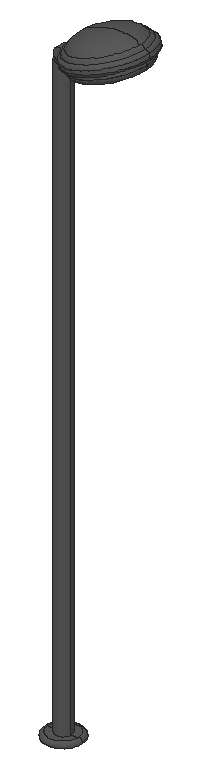
Revit family "svetilnik_alfresco_alkor_dku-01_os", category Lighting Fixtures, Revit 2016 (continued)
Definition of nested family "Алькор"
  Types (3, lengths in mm): name | Photometric Web File | built-in parameter 1150105 | Lumens | built-in parameter 1150106 | built-in parameter 1150142 | Wattage
    ДКУ Алькор 80Вт | "DTU-01-AF_DKU-01-AF-ALJKOR80W.ies" | 604.79 (stored number, unit not read) | 7600 lm | 6.0479 (stored number, unit not read) | "IESNA:LM-63-1995\r\n[TEST] alf\r\n[MANUFAC] Alfresco\r\n[LUMCAT]  \r\n[LUMINAIRE] ДКУ-01-AF \"Алькор\" 80w\r\n[LAMPCAT]Cree\r\n[LAMP]LED\r\n[MORE]\r\n[OTHER]\r\nTILT=NONE\r\n1 8000 1 91 37 1 2 0.525 0.525 0.000\r\n1.000 1 81.8\r\n0.0    1.0    2.0    3.0    4.0    5.0    6.0    7.0    8.0    9.0    \r\n 10.0   11.0   12.0   13.0   14.0   15.0   16.0   17.0   18.0   19.0   \r\n 20.0   21.0   22.0   23.0   24.0   25.0   26.0   27.0   28.0   29.0   \r\n 30.0   31.0   32.0   33.0   34.0   35.0   36.0   37.0   38.0   39.0   \r\n 40.0   41.0   42.0   43.0   44.0   45.0   46.0   47.0   48.0   49.0   \r\n 50.0   51.0   52.0   53.0   54.0   55.0   56.0   57.0   58.0   59.0   \r\n 60.0   61.0   62.0   63.0   64.0   65.0   66.0   67.0   68.0   69.0   \r\n 70.0   71.0   72.0   73.0   74.0   75.0   76.0   77.0   78.0   79.0   \r\n 80.0   81.0   82.0   83.0   84.0   85.0   86.0   87.0   88.0   89.0   \r\n 90.0   \r\n0.0    10.0   20.0   30.0   40.0   50.0   60.0   70.0   80.0   90.0   \r\n 100.0  110.0  120.0  130.0  140.0  150.0  160.0  170.0  180.0  190.0  \r\n 200.0  210.0  220.0  230.0  240.0  250.0  260.0  270.0  280.0  290.0  \r\n 300.0  310.0  320.0  330.0  340.0  350.0  360.0  \r\n1989.57  1970.17  1952.49  1956.26  1964.10  1974.88  1996.43  2031.94  2083.56  2132.33  \r\n 2175.53  2232.21  2296.42  2363.33  2429.75  2495.46  2557.80  2621.42  2687.99  2757.42  \r\n 2841.98  2937.33  3033.43  3124.68  3207.58  3280.65  3336.20  3376.18  3409.43  3435.05  \r\n 3451.95  3459.40  3458.58  3450.12  3430.11  3387.30  3303.84  3165.78  2955.52  2687.46  \r\n 2373.81  2083.06  1833.40  1629.86  1470.36  1311.09  1168.87  1033.73  920.71   805.23   \r\n 691.65   589.96   493.93   407.56   326.66   269.14   228.91   199.46   176.04   157.15   \r\n 138.25   119.47   112.03   106.38   100.68   91.67    86.06    81.47    75.28    69.13    \r\n 62.73    55.54    49.11    46.47    45.95    43.67    37.95    31.01    25.13    19.75    \r\n 15.31    11.35    7.53     5.12     3.86     3.16     2.51     1.80     1.35     1.30     \r\n 1.31     \r\n1989.57  1968.44  1955.95  1966.61  1977.64  1991.07  2013.83  2045.56  2105.88  2117.97  \r\n 2164.56  2226.60  2292.25  2356.96  2421.49  2483.22  2546.46  2610.17  2677.22  2753.55  \r\n 2841.06  2934.68  3029.81  3123.73  3217.95  3295.05  3356.40  3403.87  3442.11  3474.12  \r\n 3494.54  3504.84  3506.17  3500.06  3478.48  3433.71  3353.06  3218.17  3014.79  2754.25  \r\n 2442.08  2130.14  1857.56  1641.01  1460.36  1302.92  1157.95  1017.71  896.96   782.09   \r\n 672.09   576.62   481.17   397.18   317.07   263.33   221.12   193.44   170.67   148.97   \r\n 134.10   125.10   115.78   108.65   101.59   94.20    88.01    82.76    75.52    68.32    \r\n 61.12    55.55    48.28    45.22    42.61    39.25    33.85    27.83    22.97    18.17    \r\n 14.18    10.82    7.38     4.98     3.87     3.17     2.46     1.75     1.35     1.32     \r\n 1.35     \r\n1989.57  1978.33  1959.35  1972.33  1991.00  2012.94  2048.25  2101.65  2179.34  2161.65  \r\n 2203.51  2253.96  2310.40  2368.45  2422.41  2482.94  2545.22  2610.87  2663.62  2736.43  \r\n 2828.09  2925.92  3032.49  3148.23  3253.88  3355.19  3434.73  3500.16  3549.25  3588.42  \r\n 3616.16  3636.56  3646.44  3642.18  3624.50  3592.77  3544.21  3463.11  3330.50  3133.96  \r\n 2858.48  2534.79  2189.39  1882.89  1634.73  1449.46  1264.42  1118.51  982.77   857.75   \r\n 739.66   627.95   532.49   451.06   374.20   302.07   254.09   217.03   193.51   166.11   \r\n 149.60   133.14   122.65   113.98   106.82   99.76    90.86    83.28    75.94    68.18    \r\n 62.76    59.88    53.44    47.06    44.64    43.57    38.64    30.05    23.36    17.98    \r\n 14.19    12.26    9.45     5.48     4.03     3.28     2.58     1.83     1.46     1.44     \r\n 1.48     \r\n1989.57  1978.07  1964.72  1983.38  2012.26  2050.20  2095.50  2146.04  2211.26  2233.08  \r\n 2278.97  2304.38  2341.48  2371.61  2425.38  2476.95  2539.25  2613.60  2674.66  2734.06  \r\n 2797.74  2879.52  2982.74  3117.71  3223.07  3336.27  3438.50  3528.84  3604.49  3672.22  \r\n 3716.47  3744.67  3768.72  3784.34  3780.38  3769.08  3747.01  3709.91  3660.26  3583.16  \r\n 3452.81  3261.65  2997.01  2677.73  2314.67  1983.83  1704.10  1473.19  1288.52  1129.17  \r\n 994.43   873.03   776.24   688.99   595.76   502.46   404.96   335.17   281.51   233.16   \r\n 196.74   170.33   155.58   145.71   138.98   133.77   123.33   110.25   97.35    84.13    \r\n 72.18    61.45    55.13    51.12    46.77    41.58    36.85    31.71    26.05    20.64    \r\n 15.74    11.56    8.40     5.91     4.63     3.79     3.00     2.18     1.85     1.87     \r\n 1.95     \r\n1989.57  1983.63  1970.81  1991.83  2030.28  2092.72  2150.64  2178.73  2238.74  2231.85  \r\n 2248.17  2257.35  2274.67  2324.33  2362.03  2435.08  2520.97  2568.12  2627.06  2692.81  \r\n 2766.00  2881.58  2975.03  3070.40  3156.08  3257.15  3382.10  3481.27  3615.16  3686.72  \r\n 3750.76  3811.41  3862.67  3888.60  3913.07  3932.40  3946.20  3951.36  3955.06  3942.92  \r\n 3919.40  3888.58  3807.04  3696.49  3560.24  3370.16  3129.92  2831.71  2514.32  2193.72  \r\n 1902.15  1651.66  1410.84  1194.48  984.92   793.76   621.09   476.93   390.37   336.13   \r\n 298.22   266.75   230.91   197.72   170.35   154.25   138.16   122.12   114.44   107.66   \r\n 102.37   95.98    89.84    79.23    67.26    57.61    52.60    46.91    38.30    29.50    \r\n 21.06    14.64    10.52    7.58     5.83     4.92     4.04     3.08     2.77     2.84     \r\n 2.98     \r\n1989.57  1984.98  1978.51  2004.85  2046.40  2108.36  2172.89  2178.65  2201.96  2194.69  \r\n 2183.54  2192.25  2232.13  2270.35  2322.30  2398.84  2461.50  2505.60  2572.76  2659.33  \r\n 2730.98  2817.85  2860.72  2897.25  2950.90  3025.93  3134.77  3249.75  3337.36  3444.49  \r\n 3572.96  3680.02  3769.22  3848.05  3923.72  3989.89  4048.63  4104.44  4145.05  4182.03  \r\n 4212.91  4238.35  4262.23  4281.91  4291.67  4292.67  4299.31  4319.69  4286.85  4204.97  \r\n 4059.92  3838.91  3529.32  3163.80  2736.73  2268.61  1831.93  1430.65  1075.62  775.13   \r\n 628.70   483.87   427.28   381.92   346.70   284.72   224.61   174.43   133.21   107.88   \r\n 92.34    79.99    71.74    63.51    57.76    54.60    51.91    49.44    45.26    36.28    \r\n 27.38    19.92    13.10    8.64     7.29     6.37     5.39     4.33     4.08     4.24     \r\n 4.46     \r\n1989.57  1977.69  1986.48  2002.29  2044.45  2092.12  2142.85  2144.34  2155.36  2138.02  \r\n 2123.34  2146.59  2173.64  2213.41  2250.09  2307.57  2343.40  2369.63  2413.57  2441.44  \r\n 2479.28  2522.73  2582.74  2660.36  2754.53  2853.53  2941.27  3028.97  3114.81  3200.38  \r\n 3272.12  3348.59  3434.01  3531.92  3624.87  3734.62  3846.09  3968.52  4083.17  4191.98  \r\n 4261.26  4341.03  4418.40  4493.34  4563.33  4634.45  4693.74  4747.67  4798.54  4843.00  \r\n 4887.37  4919.46  4934.88  4911.64  4832.09  4684.40  4421.56  3995.66  3404.68  2724.50  \r\n 2032.94  1499.28  965.98   691.04   561.37   482.63   414.84   346.52   284.31   230.75   \r\n 179.55   140.99   102.65   82.21    69.91    61.77    53.57    49.26    42.30    33.73    \r\n 24.11    19.04    15.54    12.72    9.89     8.34     7.17     5.84     5.55     5.78     \r\n 6.09     \r\n1989.57  1970.43  1982.42  2004.37  2042.30  2079.48  2108.76  2113.30  2110.80  2089.26  \r\n 2093.86  2092.06  2094.38  2119.21  2137.85  2167.63  2202.95  2230.19  2242.44  2264.65  \r\n 2297.67  2348.28  2408.13  2478.09  2546.29  2610.70  2661.23  2710.92  2758.52  2801.27  \r\n 2855.34  2921.67  2992.36  3070.69  3164.50  3258.96  3349.15  3452.91  3554.64  3654.36  \r\n 3757.30  3878.00  4016.64  4178.63  4284.80  4405.18  4537.86  4678.22  4831.86  4974.20  \r\n 5094.97  5206.03  5314.58  5417.59  5496.16  5530.73  5494.57  5370.32  5139.33  4804.53  \r\n 4333.48  3696.73  2906.80  2025.49  1303.06  806.84   633.85   463.71   389.84   325.68   \r\n 264.99   210.97   164.40   126.18   96.72    73.91    60.37    46.87    38.20    30.62    \r\n 25.09    20.93    17.42    14.00    11.64    10.17    8.83     7.31     6.99     7.28     \r\n 7.65     \r\n1989.57  1960.48  1968.75  1990.15  2019.25  2053.75  2074.35  2085.66  2068.35  2052.24  \r\n 2042.99  2031.46  2024.98  2036.92  2063.10  2077.88  2103.78  2117.81  2128.34  2155.89  \r\n 2201.89  2252.71  2300.26  2339.19  2376.76  2397.54  2414.19  2435.73  2455.69  2485.24  \r\n 2523.49  2565.11  2612.64  2675.63  2739.14  2810.60  2893.42  2973.82  3038.50  3090.63  \r\n 3142.45  3213.42  3293.97  3380.64  3473.01  3565.76  3669.38  3785.79  3902.53  4030.67  \r\n 4174.56  4327.14  4519.51  4731.66  4963.07  5190.92  5376.22  5483.50  5468.03  5316.09  \r\n 5023.83  4550.41  3907.02  3112.80  2278.33  1615.97  959.13   641.15   493.05   408.56   \r\n 342.63   284.50   231.64   184.09   148.24   112.58   87.41    69.82    54.84    42.63    \r\n 32.84    25.18    19.95    16.38    13.43    11.65    10.24    8.60     8.15     8.50     \r\n 8.99     \r\n1989.57  1966.04  1969.99  1992.96  2010.87  2046.17  2060.33  2059.47  2038.08  2018.10  \r\n 1986.88  1971.66  1964.96  1975.77  2000.74  2009.90  2032.09  2067.01  2084.20  2112.86  \r\n 2153.99  2191.41  2218.87  2235.53  2246.18  2249.42  2248.60  2260.61  2284.80  2309.12  \r\n 2328.18  2358.32  2395.15  2440.61  2492.83  2556.93  2640.77  2733.83  2794.19  2847.50  \r\n 2896.97  2964.27  2985.34  2984.68  3032.20  3080.30  3147.81  3228.91  3300.62  3376.81  \r\n 3458.52  3550.25  3660.22  3797.35  3936.49  4097.42  4244.70  4375.31  4457.64  4460.70  \r\n 4381.52  4201.95  3940.84  3584.42  3150.22  2654.40  2113.74  1607.16  1102.38  757.37   \r\n 541.65   421.12   337.09   268.24   212.02   172.15   132.28   92.49    67.55    51.28    \r\n 39.18    30.42    23.43    18.12    14.00    12.35    10.78    9.10     8.34     8.67     \r\n 9.18     \r\n1989.57  1960.73  1961.96  1984.35  1993.46  2039.38  2031.66  2027.85  2007.06  1969.86  \r\n 1941.55  1916.76  1906.14  1892.54  1892.63  1908.75  1935.61  1968.98  2000.88  2044.75  \r\n 2069.48  2088.92  2087.51  2075.25  2061.52  2050.30  2040.87  2032.09  2039.47  2039.83  \r\n 2044.04  2059.40  2080.17  2109.10  2147.67  2189.19  2239.73  2292.24  2310.19  2318.64  \r\n 2337.26  2375.27  2421.22  2471.84  2531.86  2596.97  2665.14  2733.84  2808.75  2890.40  \r\n 2970.11  3048.25  3143.75  3239.65  3355.39  3477.42  3604.45  3728.13  3820.35  3894.43  \r\n 3926.40  3935.76  3890.08  3768.44  3554.40  3273.67  2941.19  2567.61  2109.22  1571.50  \r\n 1050.87  669.37   478.03   287.57   222.07   180.37   147.50   117.87   93.92    71.93    \r\n 47.84    32.45    23.51    17.26    13.96    11.87    10.36    8.81     7.94     8.25     \r\n 8.79     \r\n1989.57  1957.64  1952.48  1972.56  1976.50  2005.69  1990.66  1988.04  1975.48  1938.37  \r\n 1903.24  1874.28  1844.03  1817.36  1800.76  1811.77  1829.34  1862.40  1904.63  1939.38  \r\n 1967.10  1989.38  1981.96  1957.15  1926.26  1886.62  1855.71  1832.35  1815.83  1814.21  \r\n 1814.50  1820.64  1835.01  1852.49  1874.75  1892.59  1909.30  1933.65  1940.44  1941.02  \r\n 1958.71  2012.00  2062.04  2107.70  2097.93  2089.13  2105.33  2140.34  2185.30  2239.49  \r\n 2294.98  2352.52  2424.86  2481.98  2544.89  2613.44  2682.85  2755.41  2830.23  2917.56  \r\n 3011.83  3087.08  3130.29  3109.13  3019.51  2902.18  2712.19  2420.68  2007.62  1531.45  \r\n 1056.46  663.14   401.97   269.40   209.13   167.10   136.86   106.61   79.04    57.27    \r\n 40.22    29.66    21.04    15.38    12.33    10.22    8.78     7.44     6.46     6.69     \r\n 7.21     \r\n1989.57  1955.18  1948.05  1963.20  1956.31  1960.03  1947.15  1923.44  1916.47  1896.46  \r\n 1858.26  1821.03  1783.38  1757.54  1735.35  1731.52  1730.05  1745.91  1779.79  1819.08  \r\n 1860.86  1886.39  1901.98  1904.31  1882.42  1838.19  1775.36  1714.56  1661.54  1633.10  \r\n 1615.44  1599.12  1587.77  1574.42  1565.94  1553.90  1546.18  1544.44  1538.12  1541.82  \r\n 1541.13  1553.65  1579.29  1600.86  1633.79  1667.61  1684.52  1679.60  1685.85  1690.53  \r\n 1713.05  1741.58  1769.85  1790.96  1823.24  1857.93  1899.48  1942.24  1973.11  1998.73  \r\n 2025.76  2019.61  1989.23  1945.82  1847.06  1708.79  1503.56  1241.71  895.69   622.02   \r\n 348.54   225.89   181.92   156.53   134.95   111.39   88.08    69.62    55.66    42.53    \r\n 30.85    22.69    16.22    11.93    9.21     7.60     6.46     5.37     4.60     4.76     \r\n 5.23     \r\n1989.57  1953.64  1938.73  1945.51  1958.91  1927.54  1911.89  1880.01  1860.66  1857.23  \r\n 1834.16  1792.21  1747.34  1706.47  1681.00  1657.99  1647.60  1630.18  1629.11  1639.50  \r\n 1652.94  1669.09  1685.03  1702.26  1705.35  1692.04  1669.01  1625.81  1564.99  1504.70  \r\n 1444.51  1404.10  1373.38  1354.63  1340.59  1326.52  1313.37  1292.70  1269.84  1254.09  \r\n 1243.79  1238.34  1238.42  1238.89  1245.20  1256.20  1268.09  1286.57  1304.50  1313.19  \r\n 1299.66  1299.05  1288.10  1264.39  1242.77  1235.14  1234.27  1241.05  1237.59  1214.38  \r\n 1176.53  1120.19  1044.57  941.57   801.61   632.44   459.38   315.42   216.63   158.52   \r\n 139.85   121.20   105.91   91.37    77.77    64.97    54.20    44.72    36.75    29.83    \r\n 24.26    19.74    14.45    10.06    6.98     5.58     4.64     3.77     3.00     2.94     \r\n 3.26     \r\n1989.57  1951.59  1927.24  1919.67  1931.10  1898.90  1875.56  1849.44  1827.94  1814.29  \r\n 1800.26  1756.29  1720.35  1675.05  1640.92  1613.19  1588.44  1567.09  1535.33  1510.23  \r\n 1490.75  1465.04  1441.96  1419.89  1404.81  1395.99  1398.99  1396.92  1374.60  1356.58  \r\n 1344.04  1334.08  1308.05  1276.57  1232.92  1191.04  1158.89  1136.32  1111.58  1094.36  \r\n 1082.71  1074.50  1080.21  1111.70  1144.60  1236.04  1258.52  1165.46  1076.48  1033.79  \r\n 1034.42  1042.69  1022.39  963.17   893.70   870.11   855.56   835.45   801.42   753.45   \r\n 672.51   577.84   482.92   385.05   301.25   235.62   187.09   157.14   138.31   120.66   \r\n 104.26   90.52    72.73    62.29    52.18    45.18    39.52    34.52    30.18    25.71    \r\n 21.36    17.29    12.87    8.83     5.88     4.45     3.59     2.79     2.01     1.70     \r\n 1.80     \r\n1989.57  1951.98  1924.10  1910.92  1901.04  1886.81  1853.26  1832.33  1808.73  1780.67  \r\n 1757.95  1734.96  1692.83  1654.40  1620.02  1598.96  1567.01  1527.74  1490.52  1453.34  \r\n 1418.73  1390.99  1354.13  1326.35  1299.37  1258.15  1230.46  1206.61  1191.31  1179.05  \r\n 1171.30  1154.15  1127.21  1105.01  1088.79  1059.56  1029.32  1010.67  997.58   986.13   \r\n 971.01   951.67   934.29   914.61   892.60   872.95   856.19   839.91   824.15   809.91   \r\n 795.31   784.74   772.47   761.08   752.86   724.47   689.63   637.42   560.82   489.18   \r\n 414.85   323.00   249.50   192.71   155.07   138.90   122.75   117.56   105.21   94.09    \r\n 78.55    67.47    59.02    51.16    44.87    39.08    33.99    30.11    26.71    23.56    \r\n 20.15    16.63    12.13    8.13     5.45     3.91     3.12     2.41     1.68     1.24     \r\n 1.18     \r\n1989.57  1955.95  1926.53  1918.79  1880.85  1866.10  1840.91  1813.30  1772.89  1758.04  \r\n 1732.07  1711.50  1682.80  1637.34  1603.70  1568.36  1531.75  1509.91  1473.08  1436.64  \r\n 1382.68  1335.44  1300.65  1268.17  1248.10  1245.62  1238.97  1205.77  1173.77  1141.57  \r\n 1120.14  1100.31  1082.20  1076.17  1053.72  1022.27  1007.76  992.09   964.22   934.61   \r\n 909.94   886.17   864.19   841.61   819.29   798.70   780.38   760.00   738.17   715.30   \r\n 693.55   670.58   649.63   628.71   595.21   554.95   500.74   441.13   378.05   314.98   \r\n 252.94   197.54   155.81   128.75   115.14   106.80   97.62    88.26    80.12    71.46    \r\n 64.19    57.72    51.63    45.71    40.89    36.78    32.85    28.82    24.77    20.68    \r\n 16.83    13.05    9.86     7.24     5.03     3.61     2.90     2.27     1.64     1.16     \r\n 1.03     \r\n1989.57  1958.46  1930.18  1914.83  1879.46  1851.67  1828.64  1793.22  1781.28  1757.71  \r\n 1725.01  1719.60  1674.04  1646.14  1618.12  1568
